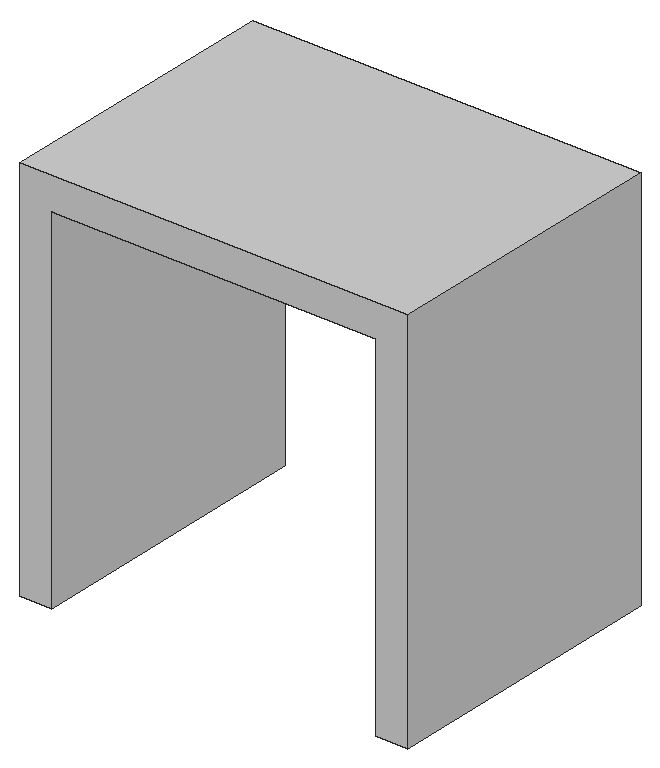
Revit family "PS", category Specialty Equipment, Revit 2012
Parameters (values of type "Display Platform (Default)")
  Width = 2' - 0"
  URL = "http://madixinc.com/display/freestanding.html"
  Model = "Display Platform"
  Manufacturer = "© 2012 Madix, Inc. All rights reserved."
  Height = 2' - 0"
  Depth = 1' - 6"
Reference planes (in)
  plane 1 "Center (Front/Back)": y = 0
  plane 2: z = 0
  plane 3 "Center (Left/Right)": x = 0
  plane 4: x = -12
  plane 5: x = 12
  plane 6: y = 9
  plane 7: y = -9
  plane 8: z = 24
Forms (in)
  Extrusion 1, solid, material "Metal - Steel"
    sketch origin (0, 0, 0) x (1, 0, 0) y (0, 0, 1)
      loop
        line (-12, 0) -> (-10, 0) -> (-10, 22) -> (10, 22) -> (10, 0) -> (12, 0) -> (12, 24) -> (-12, 24) -> (-12, 0)
    from -9 to 9
Dimensions and locks (in)
  "Height": plane 8 to level
  equal spacing: plane 4, plane 3 "Center (Left/Right)", plane 5
  "Width": plane 4 to plane 5
  equal spacing: plane 6, plane 1 "Center (Front/Back)", plane 7
  "Depth": plane 6 to plane 7
  aligned and locked: level to plane 2
  aligned and locked: plane 6 to Extrusion 1
  aligned and locked: plane 7 to Extrusion 1
Automatic sketch dimensions
  Extrusion 1 sketch curve to level = 0' - 0"  (x2)
  Extrusion 1 sketch curve to plane 4 = 0' - 0"
  plane 5 to Extrusion 1 sketch curve = 0' - 0"
  Extrusion 1 sketch curve to plane 8 = 0' - 0"
  plane 4 to Extrusion 1 sketch curve = 0' - 2"
  plane 5 to Extrusion 1 sketch curve = 0' - 2"
  Extrusion 1 sketch curve to plane 8 = 0' - 2"
